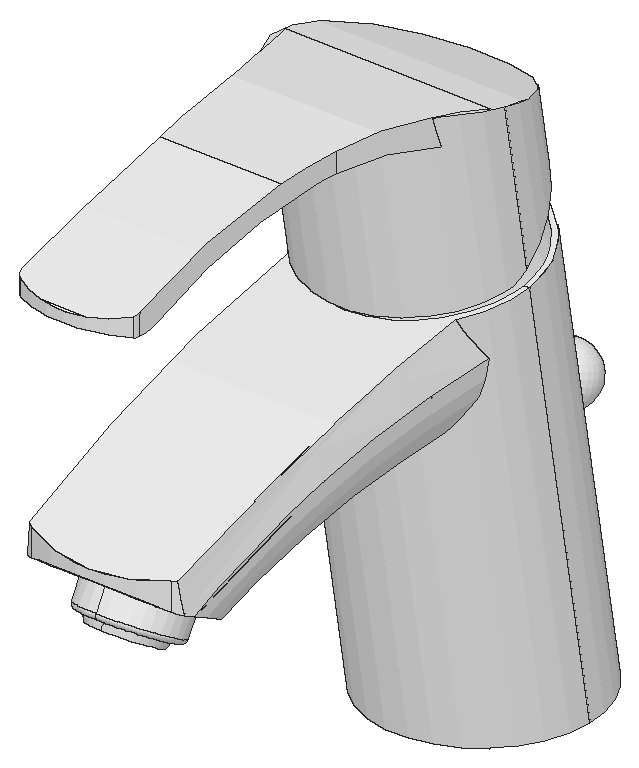
Revit family "Faucet-Lavatory-Grohe-Eurosmart_New-32642_Series", category Plumbing Fixtures, Revit 2014
Parameters (values of type "32642002")
  Width = 4 1/8"  # constant formula
  Waste Connection = no
  Warranty Documentation Link = "https://cdn.cloud.grohe.com/tpi/1000/1900/1940/1949/1949006/original/1949006.pdf"
  WFU = 0
  Vent Connection = no
  URL = "http://www.grohe.com/ca-en/"
  Shipping Weight = 3.30 lbf
  Product Page URL = "https://www.grohe.com/ca-en/32021/bathroom/bathroom-faucets/eurosmart-new/product-details/?product=32642-G411&color=00A&material=3264200A"
  Price = "Prices may vary. Please consult Manufacturer Representative for most up-to-date price list."  # constant formula
  Model = "32642002"
  Material = "Metal-Grohe-002-Chrome"
  Manufacturer = "Grohe"
  Length = 4 3/16"  # constant formula
  Installation Type = "Deck-Mounted"
  Hot Water Connection Radius = 3/16"
  Hot Water Connection Diameter = 3/8"
  Height = 5 3/4"  # constant formula
  HWFU = 1.5
  HW Connection = yes
  Flow Rate = "1.5 gpm (5.7 L/min)"
  Finish = Metal-Grohe-002-Chrome
  Description = "Eurosmart New Lavatory Centerset"  # constant formula
  Default Elevation = 0"
  Creation Date = "1/30/2017"  # constant formula
  Cold Water Connection Radius = 3/16"
  Cold Water Connection Diameter = Cold Water Connection Radius * 2  # 3/8"
  CalGreen Compliant = yes
  CWFU = 1.5
  CW Connection = yes
  Assembly Code = "D2020300"
  ADA Compliant = yes
Types (5): name | Product Page URL | Model | Material | Flow Rate | Finish
  (no name) | "https://www.grohe.com/ca-en/32021/bathroom/bathroom-faucets/eurosmart-new/product-details/?product=32642-G411&color=00A&material=3264200A" | "32642002" | "Metal-Grohe-002-Chrome" | "1.5 gpm (5.7 L/min)" | Metal-Grohe-002-Chrome
  32642002 | "https://www.grohe.com/ca-en/32021/bathroom/bathroom-faucets/eurosmart-new/product-details/?product=32642-G411&color=00A&material=3264200A" | "32642002" | "Metal-Grohe-002-Chrome" | "1.5 gpm (5.7 L/min)" | Metal-Grohe-002-Chrome
  3264200A | "https://www.grohe.com/ca-en/32021/bathroom/bathroom-faucets/eurosmart-new/product-details/?product=32642-G411&color=00A&material=3264200A" | "3264200A" | "Metal-Grohe-00A-Chrome" | "1.2 gpm (4.56 L/min)" | Metal-Grohe-00A-Chrome
  32642EN2 | "https://www.grohe.com/ca-en/32021/bathroom/bathroom-faucets/eurosmart-new/product-details/?product=32642-G411&color=EN2&material=32642EN2" | "32642EN2" | "Metal-Grohe-EN2-Brushed Nickel" | "1.5 gpm (5.7 L/min)" | Metal-Grohe-EN2-Brushed Nickel
  32642ENA | "https://www.grohe.com/ca-en/32021/bathroom/bathroom-faucets/eurosmart-new/product-details/?product=32642-G411&color=ENA&material=32642ENA" | "32642ENA" | "Metal-Grohe-ENA-Brushed Nickel" | "1.2 gpm (4.56 L/min)" | Metal-Grohe-ENA-Brushed Nickel
Reference planes (in)
  plane 1 "Center (Front/Back)": y = 0
  plane 2: z = 0
  plane 3 "Center (Left/Right)": x = 0
  plane 4: through (0, 0, 0) normal (0, 0.9848, 0.1736)
  plane 5: z = 2.1875
  plane 6: y = -4.1875
  plane 7: through (0, -4.18945, 2.1875) normal (0, -0.866, 0.5)
  plane 8: z = 5.75
Forms (in)
  Extrusion 1, void
    sketch origin (0, 0, 0) x (0, 1, 0) y (0, 0, 1)
      loop
        line (-5.79678, 3.55495) -> (-4.92005, 1.36012) -> (-3.2948, 2.18822)
        arc (-3.2948, 2.18822) -> (-3.45933, 2.17866) -> (-3.60831, 2.24913) r 0.33311
        arc (-3.60831, 2.24913) -> (-3.99137, 2.5223) -> (-4.40982, 2.73738) r 3.25437
        arc (-4.40982, 2.73738) -> (-4.44844, 2.75662) -> (-4.48449, 2.78035) r 0.36049
        line (-4.48449, 2.78035) -> (-4.67108, 2.91986)
        arc (-4.67108, 2.91986) -> (-2.71959, 3.57289) -> (-0.6936, 3.93362) r 14.03912
        arc (-0.6936, 3.93362) -> (0.03557, 4.06374) -> (0.7625, 4.20586) r 44.94992
        line (0.7625, 4.20586) -> (0.39338, 5.68706) -> (-5.79678, 3.55495)
      loop
        line (1.52384, 0) -> (-1.47616, 0) -> (-1.47616, -1.75) -> (1.52384, -1.75) -> (1.52384, 0)
    from -1.85772 to 2.27033
  Extrusion 2, solid, material "Metal-Grohe-002-Chrome" <- "Finish"
    sketch origin (0, 0, 0) x (1, 0, 0) y (0, 0.984808, 0.173648)
      loop
        circle (0, 0) r 0.99086
    from -1.25858 to 4.84565
  Revolve 3, solid, material "Metal-Grohe-002-Chrome" <- "Finish"
    sketch origin (0, 0, 0) x (0, 1, 0) y (0, 0, 1)
      loop
        line (-0.68381, 3.87808) -> (0.25088, 4.04289)
        arc (0.25088, 4.04289) -> (-0.17668, 4.51159) -> (-0.80747, 4.57937) r 0.89542
        line (-0.80747, 4.57937) -> (-0.68381, 3.87808)
      axis (-0.68381, 3.87808) -> (-0.80747, 4.57937)
    angle from 0 to 360
  Extrusion 4, solid, material "Metal-Grohe-002-Chrome" <- "Finish"
    sketch origin (0, 0, 0) x (1, 0, 0) y (0, 0.984808, 0.173648)
      loop
        circle (0, 0) r 0.98425
    from 4.09542 to 6.74142
  Extrusion 5, solid, material "Metal-Grohe-002-Chrome" <- "Finish"
    sketch origin (0, -0.125, 0) x (0, 1, 0) y (0, 0, 1)
      loop
        arc (-4.33701, 5.13391) -> (-3.46409, 5.40178) -> (-2.56053, 5.53334) r 5.96749
        arc (-2.56053, 5.53334) -> (-1.72344, 5.48663) -> (-0.9233, 5.23631) r 3.39651
        line (-0.9233, 5.23631) -> (-1.14515, 6.49447) -> (-4.96866, 5.68176) -> (-4.8766, 5.24867)
        arc (-4.8766, 5.24867) -> (-4.89567, 5.19855) -> (-4.85787, 5.16053) r 0.04945
        arc (-4.85787, 5.16053) -> (-4.63523, 5.12657) -> (-4.41007, 5.12135) r 1.75899
        arc (-4.41007, 5.12135) -> (-4.3731, 5.12507) -> (-4.33701, 5.13391) r 0.26582
    from -0.98425 to 0.98425
  Extrusion 6, void
    sketch origin (0, 0, 0) x (0, 1, 0) y (0, 0, 1)
      loop
        arc (-0.72693, 4.09737) -> (-0.83528, 4.02835) -> (-0.9578, 3.98971) r 0.49213
        line (-0.9578, 3.98971) -> (0.55628, 4.25669) -> (0.34423, 4.99618) -> (-0.72693, 4.09737)
      loop
        line (0.16302, 5.13944) -> (0.33943, 7.15584) -> (-5.34758, 6.30706) -> (-5.02865, 5.19483) -> (-4.8766, 5.24867)
        arc (-4.8766, 5.24867) -> (-3.97552, 5.51494) -> (-3.05134, 5.68441) r 8.8713
        arc (-3.05134, 5.68441) -> (-1.40349, 5.65181) -> (0.16302, 5.13944) r 5.58238
      loop
        line (1.9456, 0) -> (-1.8044, 0) -> (-1.8044, -1.75) -> (1.9456, -1.75) -> (1.9456, 0)
    from -1.4418 to 1.42203
  SweptBlend 7, solid, material "Metal-Grohe-002-Chrome" <- "Finish"
    path origin (0, 0, 0) x (0, 1, 0) y (0, 0, 1)
      loop
        arc (-4.98711, 2.17697) -> (-2.82547, 2.82771) -> (-0.56801, 2.82783) r 7.74917
    profile origin (0, -4.98711, 2.17697) x (0, -0.424662, 0.905352) y (1, 0, 0)
      loop
        arc (0.11705, 0.70963) -> (-0.59258, 0) -> (0.11705, -0.70963) r 0.70963
        line (0.11705, -0.70963) -> (0.69902, -0.62784) -> (0.69902, 0.62784) -> (0.11705, 0.70963)
    end profile origin (0, -0.56801, 2.82783) x (0, 0.145605, 0.989343) y (1, 0, 0)
      loop
        line (0.6046, -0.92615) -> (1.09965, -0.7935) -> (1.09965, 0.7935) -> (0.6387, 0.91701)
        arc (0.6387, 0.91701) -> (-0.28304, 0.01217) -> (0.6046, -0.92615) r 0.9219
  Extrusion 8, void
    sketch origin (0, 0, 0) x (1, 0, 0) y (0, 1, 0)
      loop
        arc (-0.49505, -4.76848) -> (-0.53019, -4.72876) -> (-0.54141, -4.67693) r 0.10488
        arc (-0.54141, -4.67693) -> (-0.5373, -3.58081) -> (-0.61787, -2.48764) r 14.18115
        arc (-0.61787, -2.48764) -> (-0.79402, -1.58887) -> (-1.11339, -0.73049) r 5.63725
        line (-1.11339, -0.73049) -> (-1.11339, -5.4052) -> (1.11339, -5.4052) -> (1.11339, -0.73049)
        arc (1.11339, -0.73049) -> (0.79402, -1.58887) -> (0.61787, -2.48764) r 5.63725
        arc (0.61787, -2.48764) -> (0.5373, -3.58081) -> (0.54141, -4.67693) r 14.18115
        arc (0.54141, -4.67693) -> (0.53877, -4.70518) -> (0.52865, -4.7317) r 0.10488
        arc (0.52865, -4.7317) -> (0.02216, -4.89918) -> (-0.49505, -4.76848) r 0.95377
    from 4.10562 to 5.95953
  Extrusion 9, void
    sketch origin (0, 0, 0) x (1, 0, 0) y (0, 1, 0)
      loop
        arc (-0.64881, -4.4428) -> (-0.83764, -4.26165) -> (-0.89118, -4.00549) r 0.4426
        line (-0.89118, -4.00549) -> (-0.89118, -4.93964) -> (0.89118, -4.93964) -> (0.89118, -4.00549)
        arc (0.89118, -4.00549) -> (0.83764, -4.26165) -> (0.64877, -4.4428) r 0.4426
        arc (0.64877, -4.4428) -> (-0.00002, -4.59622) -> (-0.64881, -4.4428) r 1.44854
    from 1.89478 to 3.60571
  Revolve 10, solid, material "Metal-Grohe-002-Chrome" <- "Finish"
    sketch origin (0, 0, 0) x (0, 1, 0) y (0, 0, 1)
      loop
        line (0.96163, 1.91675) -> (1.07511, 1.88421)
        arc (1.07511, 1.88421) -> (1.24065, 2.16516) -> (1.03471, 2.41799) r 0.28543
        line (1.03471, 2.41799) -> (0.53492, 0.67502) -> (0.6002, 0.6563) -> (0.96163, 1.91675)
      axis (1.03471, 2.41799) -> (0.53492, 0.67502)
    angle from 0 to 360
  Revolve 11, solid, material "Metal-Grohe-002-Chrome" <- "Finish"
    sketch origin (0, 0, 0) x (0, 1, 0) y (0, 0, 1)
      loop
        line (-3.90337, 2.05958) -> (-3.84215, 2.10519) -> (-3.79193, 2.07619)
        arc (-3.79193, 2.07619) -> (-3.75796, 2.07172) -> (-3.73077, 2.09258) r 0.04477
        line (-3.73077, 2.09258) -> (-3.45157, 2.57618) -> (-3.84444, 2.78507) -> (-4.17396, 2.21431) -> (-3.90337, 2.05958)
      axis (-4.17396, 2.21431) -> (-3.83667, 2.79852)
    angle from 0 to 360
  Extrusion 12, solid, material "Metal-Grohe-002-Chrome" <- "Finish"
    sketch origin (0, 0, 0) x (1, 0, 0) y (0, 1, 0)
      loop
        circle (-0.4398, 0) r 0.1875
      loop
        circle (0.4398, 0) r 0.1875
    from 0 to 0.48482
Cuts and joins
  Extrusion 1, Extrusion 8, Extrusion 9 cuts Extrusion 2
  Extrusion 8, Extrusion 9 cuts Revolve 3
  Extrusion 6, Extrusion 9 cuts Extrusion 4
  Extrusion 6, Extrusion 8, Extrusion 9 cuts Extrusion 5
  Extrusion 1, Extrusion 8, Extrusion 9 cuts SweptBlend 7
  joined: Extrusion 2, Revolve 3, Extrusion 4, Extrusion 5, SweptBlend 7, Revolve 10, Revolve 11, Extrusion 12
Lines and regions (in)
  Masking region 1
    outline origin (0, 0, 0) x (1, 0, 0) y (0, 1, 0)
      loop
        arc (-0.2892, 0.96115) -> (-0.79951, 0.59744) -> (-0.98874, 0.00003) r 0.98886
        line (-0.98874, 0.00003) -> (-0.98874, -0.99997)
        arc (-0.98874, -0.99997) -> (-0.96304, -1.2255) -> (-0.88727, -1.43948) r 1.0026
        arc (-0.88727, -1.43948) -> (-0.82369, -2.86331) -> (-0.75361, -4.28684) r 312.17592
        line (-0.75361, -4.28684) -> (-0.72977, -4.39897)
        arc (-0.72977, -4.39897) -> (-0.63408, -4.45007) -> (-0.53483, -4.49387) r 1.44854
        arc (-0.53483, -4.49387) -> (-0.53775, -4.58314) -> (-0.54122, -4.6724) r 14.18115
        arc (-0.54122, -4.6724) -> (-0.52734, -4.73131) -> (-0.48483, -4.77439) r 0.11201
        arc (-0.48483, -4.77439) -> (0, -4.903) -> (0.48483, -4.77439) r 0.97816
        arc (0.48483, -4.77439) -> (0.52734, -4.73131) -> (0.54122, -4.6724) r 0.11201
        arc (0.54122, -4.6724) -> (0.53775, -4.58314) -> (0.53483, -4.49387) r 14.18115
        arc (0.53483, -4.49387) -> (0.63408, -4.45007) -> (0.72977, -4.39897) r 1.44854
        line (0.72977, -4.39897) -> (0.75361, -4.28684)
        arc (0.75361, -4.28684) -> (0.82369, -2.86331) -> (0.88727, -1.43948) r 312.17592
        arc (0.88727, -1.43948) -> (0.96304, -1.2255) -> (0.98874, -0.99997) r 1.0026
        line (0.98874, -0.99997) -> (0.98874, 0.00003)
        arc (0.98874, 0.00003) -> (0.79951, 0.59744) -> (0.2892, 0.96115) r 0.98886
        arc (0.2892, 0.96115) -> (0, 1.25035) -> (-0.2892, 0.96115) r 0.2892
  symbolic lines, detail levels medium+fine
    curve 1: arc (-0.53483, -4.49387, 0) -> (-0.54079, -3.48928, 0) -> (-0.61787, -2.48764, 0) r 14.18115
    curve 2: arc (-0.61787, -2.48764, 0) -> (-0.71599, -1.95416, 0) -> (-0.88727, -1.43948, 0) r 3.89541
    curve 3: arc (-0.98874, -0.80899, 0) -> (0, 0.17975, 0) -> (0.98874, -0.80899, 0) r 0.98874
    curve 4: arc (-0.2892, 0.96115, 0) -> (0, 0.67195, 0) -> (0.2892, 0.96115, 0) r 0.2892
    curve 5: arc (0.53483, -4.49387, 0) -> (0.54079, -3.48928, 0) -> (0.61787, -2.48764, 0) r 14.18115
    curve 6: arc (0.61787, -2.48764, 0) -> (0.71599, -1.95416, 0) -> (0.88727, -1.43948, 0) r 3.89541
  symbolic lines, detail levels fine
    curve 7: line (-0.99086, -0.6936, 0) -> (0.99086, -0.6936, 0)
Dimensions and locks (in)
  locked: plane 5 to level at 2.1875
  "Length": plane 6 to plane 1 "Center (Front/Back)"
  "Height": plane 8 to level
  "Hot Water Connection Diameter": diameter of Extrusion 12 sketch curve
  "Cold Water Connection Diameter": diameter of Extrusion 12 sketch curve
  angle plane 6 to plane 7 = 30.00°
Automatic sketch dimensions
  Extrusion 1 sketch curve to level = 0"
  Extrusion 1 sketch curve to plane 4 = 0"
  plane 6 to Extrusion 1 sketch curve = 4.03792"
  plane 6 to Extrusion 1 sketch curve = 1.60928"
  Extrusion 1 sketch curve to level = 0.25701"
  plane 6 to Extrusion 1 sketch curve = 1.4969"
  plane 6 to Extrusion 1 sketch curve = 0.73255"
  plane 6 to Extrusion 1 sketch curve = 0.48358"
  Extrusion 1 sketch curve to Extrusion 1 sketch curve = 0.18659"
  plane 6 to Extrusion 1 sketch curve = 0.08113"
  plane 5 to Extrusion 1 sketch curve = 0.31816"
  Extrusion 1 sketch curve to plane 6 = 0.7917"
  plane 5 to Extrusion 1 sketch curve = 0.00072"
  Extrusion 1 sketch curve to Extrusion 1 sketch curve = 0.101"
  plane 1 "Center (Front/Back)" to Extrusion 1 sketch curve = 1.47616"
  Extrusion 1 sketch curve to plane 8 = 0.06294"
  Extrusion 1 sketch curve to plane 1 "Center (Front/Back)" = 0.39338"
  Extrusion 1 sketch curve to plane 1 "Center (Front/Back)" = 0.7478"
  Extrusion 1 sketch curve to plane 1 "Center (Front/Back)" = 0.7625"
  Extrusion 1 sketch curve to plane 1 "Center (Front/Back)" = 1.52384"
  Extrusion 1 sketch curve to level = 1 3/4"
  Extrusion 1 sketch curve to Extrusion 1 sketch curve = 8.28131"
  Extrusion 1 sketch curve to plane 5 = 0.82738"
  plane 5 to Extrusion 1 sketch curve = 0.59285"
  Extrusion 1 sketch curve to Extrusion 1 sketch curve = 0.13951"
  Extrusion 1 sketch curve to Extrusion 1 sketch curve = 0.28872"
  Extrusion 1 sketch curve to Extrusion 1 sketch curve = 0.63509"
  Extrusion 1 sketch curve to Extrusion 1 sketch curve = 0.27224"
  Extrusion 1 sketch curve to Extrusion 1 sketch curve = 0"
  Extrusion 2 sketch curve to plane 3 "Center (Left/Right)" = 0"
  Extrusion 2 sketch curve to plane 4 = 0"
  Revolve 3 sketch curve to plane 4 = 0"  (x4)
  plane 1 "Center (Front/Back)" to Revolve 3 sketch curve = 0.80747"
  plane 1 "Center (Front/Back)" to Revolve 3 sketch curve = 0.68381"
  Revolve 3 sketch curve to Revolve 3 sketch curve = 0.10228"
  Revolve 3 sketch curve to plane 1 "Center (Front/Back)" = 0.25088"
  Revolve 3 sketch curve to Revolve 3 sketch curve = 0.02827"
  Revolve 3 sketch curve to plane 8 = 0.7641"
  Extrusion 4 sketch curve to plane 3 "Center (Left/Right)" = 0"
  Extrusion 4 sketch curve to plane 4 = 0"
  Extrusion 5 sketch curve to plane 8 = 0.06824"
  plane 6 to Extrusion 5 sketch curve = 0.90616"
  Extrusion 5 sketch curve to plane 8 = 0.50133"
  Extrusion 5 sketch curve to Extrusion 5 sketch curve = 0.09206"
  Extrusion 5 sketch curve to Extrusion 5 sketch curve = 0.0293"
  plane 6 to Extrusion 5 sketch curve = 0.41942"
  plane 6 to Extrusion 5 sketch curve = 0.35565"
  Extrusion 5 sketch curve to plane 5 = 0.04282"
  Extrusion 5 sketch curve to plane 6 = 1.73276"
  Extrusion 5 sketch curve to level = 0.42036"
  plane 1 "Center (Front/Back)" to Extrusion 5 sketch curve = 2.28005"
  plane 8 to Extrusion 5 sketch curve = 0.74447"
  Extrusion 5 sketch curve to plane 8 = 0.51369"
  plane 1 "Center (Front/Back)" to Extrusion 5 sketch curve = 1.0483"
  Extrusion 5 sketch curve to Extrusion 5 sketch curve = 0.03983"
  Extrusion 5 sketch curve to plane 8 = 0.36296"
  plane 8 to Extrusion 5 sketch curve = 1.12887"
  Extrusion 5 sketch curve to Extrusion 5 sketch curve = 0"
  Extrusion 5 sketch curve to Extrusion 5 sketch curve = 0.00808"
  Extrusion 5 sketch curve to Extrusion 5 sketch curve = 0.07306"
  Extrusion 6 sketch curve to level = 0"
  plane 8 to Extrusion 6 sketch curve = 0.55706"
  plane 6 to Extrusion 6 sketch curve = 1.16008"
  plane 6 to Extrusion 6 sketch curve = 0.84115"
  Extrusion 6 sketch curve to Extrusion 6 sketch curve = 0.15205"
  level to Extrusion 6 sketch curve = 0.14798"
  Extrusion 6 sketch curve to plane 6 = 1.85087"
  plane 1 "Center (Front/Back)" to Extrusion 6 sketch curve = 1.91555"
  Extrusion 6 sketch curve to Extrusion 6 sketch curve = 0.53223"
  plane 1 "Center (Front/Back)" to Extrusion 6 sketch curve = 1.04326"
  Extrusion 6 sketch curve to Extrusion 6 sketch curve = 0.08546"
  Extrusion 6 sketch curve to Extrusion 6 sketch curve = 0.23088"
  Extrusion 6 sketch curve to plane 1 "Center (Front/Back)" = 0.16302"
  Extrusion 6 sketch curve to plane 1 "Center (Front/Back)" = 0.33943"
  Extrusion 6 sketch curve to Extrusion 6 sketch curve = 0.18122"
  Extrusion 6 sketch curve to plane 1 "Center (Front/Back)" = 0.55628"
  Extrusion 6 sketch curve to plane 1 "Center (Front/Back)" = 1.9456"
  Extrusion 6 sketch curve to level = 1 3/4"
  Extrusion 6 sketch curve to Extrusion 6 sketch curve = 1.36388"
  Extrusion 6 sketch curve to plane 8 = 1.76029"
  Extrusion 6 sketch curve to Extrusion 6 sketch curve = 0.10766"
  Extrusion 6 sketch curve to Extrusion 6 sketch curve = 0.15931"
  Extrusion 6 sketch curve to plane 8 = 0.75382"
  Extrusion 6 sketch curve to Extrusion 6 sketch curve = 0.14326"
  Extrusion 6 sketch curve to plane 8 = 0.55517"
  Extrusion 6 sketch curve to Extrusion 6 sketch curve = 0.05384"
  plane 8 to Extrusion 6 sketch curve = 1.40584"
  plane 1 "Center (Front/Back)" to SweptBlend 7 sketch curve = 1.69633"
  SweptBlend 7 sketch curve to level = 4.83876"
  SweptBlend 7 sketch curve to plane 5 = 0.01053"
  plane 6 to SweptBlend 7 sketch curve = 0.79961"
  plane 1 "Center (Front/Back)" to SweptBlend 7 sketch curve = 0.56801"
  SweptBlend 7 sketch curve to plane 3 "Center (Left/Right)" = 0"
  SweptBlend 7 sketch curve to profile plane = 0.11705"
  SweptBlend 7 sketch curve to SweptBlend 7 sketch curve = 0.58197"
  SweptBlend 7 sketch curve to plane 3 "Center (Left/Right)" = 0.62784"
  SweptBlend 7 sketch curve to SweptBlend 7 sketch curve = 0.08179"  (x2)
  SweptBlend 7 sketch curve to profile plane = 0.6046"
  SweptBlend 7 sketch curve to profile plane = 0.6387"
  SweptBlend 7 sketch curve to SweptBlend 7 sketch curve = 59/128"
  SweptBlend 7 sketch curve to plane 3 "Center (Left/Right)" = 0.92615"
  SweptBlend 7 sketch curve to SweptBlend 7 sketch curve = 0.13265"
  SweptBlend 7 sketch curve to plane 3 "Center (Left/Right)" = 0.00488"
  SweptBlend 7 sketch curve to SweptBlend 7 sketch curve = 0.12351"
  Extrusion 8 sketch curve to plane 6 = 0.11178"  (x2)
  Extrusion 8 sketch curve to plane 3 "Center (Left/Right)" = 14.70981"
  Extrusion 8 sketch curve to plane 6 = 1.06857"  (x2)
  Extrusion 8 sketch curve to plane 3 "Center (Left/Right)" = 6.21966"
  Extrusion 8 sketch curve to plane 3 "Center (Left/Right)" = 1.11339"
  Extrusion 8 sketch curve to plane 3 "Center (Left/Right)" = 0.43663"
  Extrusion 8 sketch curve to plane 3 "Center (Left/Right)" = 0.01209"
  plane 3 "Center (Left/Right)" to Extrusion 8 sketch curve = 0.43663"
  Extrusion 8 sketch curve to Extrusion 8 sketch curve = 0.67676"
  Extrusion 8 sketch curve to Extrusion 8 sketch curve = 5.10627"
  Extrusion 8 sketch curve to Extrusion 8 sketch curve = 8.49015"
  plane 6 to Extrusion 8 sketch curve = 0.49388"  (x2)
  Extrusion 8 sketch curve to Extrusion 8 sketch curve = 0.72382"
  Extrusion 8 sketch curve to plane 6 = 0.24147"
  plane 1 "Center (Front/Back)" to Extrusion 8 sketch curve = 0.73049"  (x2)
  Extrusion 8 sketch curve to Extrusion 8 sketch curve = 0"  (x3)
  Extrusion 8 sketch curve to Extrusion 8 sketch curve = 0.04637"
  Extrusion 8 sketch curve to Extrusion 8 sketch curve = 0.09202"
  Extrusion 9 sketch curve to plane 3 "Center (Left/Right)" = 0.89118"
  Extrusion 9 sketch curve to plane 6 = 0.14042"  (x2)
  Extrusion 9 sketch curve to Extrusion 9 sketch curve = 0.44064"  (x2)
  Extrusion 9 sketch curve to plane 3 "Center (Left/Right)" = 0"
  plane 3 "Center (Left/Right)" to Extrusion 9 sketch curve = 0.45053"
  Extrusion 9 sketch curve to plane 6 = 0.18201"  (x2)
  plane 6 to Extrusion 9 sketch curve = 0.75214"
  Extrusion 9 sketch curve to Extrusion 9 sketch curve = 0.8994"
  Extrusion 9 sketch curve to Extrusion 9 sketch curve = 0.19827"
  Extrusion 9 sketch curve to Extrusion 9 sketch curve = 0.00004"
  Extrusion 9 sketch curve to Extrusion 9 sketch curve = 0"
  Revolve 10 sketch curve to plane 1 "Center (Front/Back)" = 0.53492"
  Revolve 10 sketch curve to Revolve 10 sketch curve = 0.06528"
  Revolve 10 sketch curve to plane 5 = 0.04389"
  Revolve 10 sketch curve to plane 1 "Center (Front/Back)" = 0.95603"
  Revolve 10 sketch curve to plane 5 = 0.27075"
  Revolve 10 sketch curve to Revolve 10 sketch curve = 0.0056"
  plane 5 to Revolve 10 sketch curve = 0.23049"
  Revolve 10 sketch curve to Revolve 10 sketch curve = 0.07868"
  Revolve 10 sketch curve to plane 5 = 0.12755"
  Revolve 10 sketch curve to Revolve 10 sketch curve = 0.02399"
  plane 5 to Revolve 10 sketch curve = 0.04831"
  Revolve 10 sketch curve to Revolve 10 sketch curve = 0.02644"
  Revolve 11 sketch curve to plane 7 = 0"  (x4)
  Revolve 11 sketch curve to plane 6 = 0.01354"
  Revolve 11 sketch curve to plane 5 = 0.12792"
  Revolve 11 sketch curve to plane 6 = 0.28413"
  Revolve 11 sketch curve to plane 6 = 0.34306"
  Revolve 11 sketch curve to plane 5 = 0.08231"
  Revolve 11 sketch curve to Revolve 11 sketch curve = 0.06122"
  Revolve 11 sketch curve to plane 5 = 0.11131"
  Revolve 11 sketch curve to Revolve 11 sketch curve = 0.05022"
  Revolve 11 sketch curve to Revolve 11 sketch curve = 0.02238"
  Revolve 11 sketch curve to plane 5 = 0.09492"
  Revolve 11 sketch curve to Revolve 11 sketch curve = 0.03877"
  Revolve 11 sketch curve to Revolve 11 sketch curve = 0.39287"
  plane 5 to Revolve 11 sketch curve = 0.38868"
  plane 6 to Revolve 11 sketch curve = 0.01742"
  plane 6 to Revolve 11 sketch curve = 0.06749"
  Masking region 1 sketch curve to Masking region 1 sketch curve = 0"  (x8)
  Masking region 1 sketch curve to plane 3 "Center (Left/Right)" = 0"  (x4)
  Masking region 1 sketch curve to plane 3 "Center (Left/Right)" = 0.01386"
  plane 6 to Masking region 1 sketch curve = 0.21147"  (x2)
  Masking region 1 sketch curve to Masking region 1 sketch curve = 0.30046"  (x2)
  plane 6 to Masking region 1 sketch curve = 0.09934"  (x2)
  Masking region 1 sketch curve to Masking region 1 sketch curve = 0.02384"  (x2)
  Masking region 1 sketch curve to plane 1 "Center (Front/Back)" = 0.00003"
  Masking region 1 sketch curve to plane 3 "Center (Left/Right)" = 0.98874"
  Masking region 1 sketch curve to plane 6 = 0.11178"  (x2)
  Masking region 1 sketch curve to plane 1 "Center (Front/Back)" = 11.77518"  (x2)
  Masking region 1 sketch curve to Masking region 1 sketch curve = 296.29902"  (x2)
  plane 3 "Center (Left/Right)" to Masking region 1 sketch curve = 0"
  plane 3 "Center (Left/Right)" to Masking region 1 sketch curve = 0.01386"
  plane 3 "Center (Left/Right)" to Masking region 1 sketch curve = 0.42931"
  Masking region 1 sketch curve to Masking region 1 sketch curve = 0.97488"
  Masking region 1 sketch curve to Masking region 1 sketch curve = 0.27814"  (x2)
  Masking region 1 sketch curve to plane 6 = 0.26266"
  Masking region 1 sketch curve to Masking region 1 sketch curve = 0.77717"
  plane 1 "Center (Front/Back)" to Masking region 1 sketch curve = 0.99997"
  Masking region 1 sketch curve to plane 1 "Center (Front/Back)" = 0.01552"
  Masking region 1 sketch curve to Masking region 1 sketch curve = 0.94563"
  Masking region 1 sketch curve to Masking region 1 sketch curve = 0.05552"  (x2)
  Masking region 1 sketch curve to Masking region 1 sketch curve = 0.10552"  (x2)
  plane 1 "Center (Front/Back)" to Extrusion 12 sketch curve = 0"  (x2)
  Extrusion 12 sketch curve to plane 3 "Center (Left/Right)" = 0.4398"
  plane 3 "Center (Left/Right)" to Extrusion 12 sketch curve = 0.4398"
  curve 4 to plane 3 "Center (Left/Right)" = 0"
  curve 2 to plane 6 = 1.26363"
  curve 2 to plane 3 "Center (Left/Right)" = 4.48877"
  curve 1 to plane 6 = 0.11178"
  curve 1 to curve 2 = 10.22104"
  curve 6 to plane 6 = 1.26363"
  plane 3 "Center (Left/Right)" to curve 6 = 4.48877"
  curve 5 to plane 6 = 0.11178"
  curve 6 to curve 5 = 10.22104"
  plane 1 "Center (Front/Back)" to curve 3 = 0.80899"
  curve 4 to plane 1 "Center (Front/Back)" = 0.96115"
  curve 4 to curve 4 = 0.2892"
  curve 1 to plane 3 "Center (Left/Right)" = 0.53483"
  curve 1 to curve 3 = 0.61787"
  curve 2 to curve 1 = 0"
  plane 3 "Center (Left/Right)" to curve 5 = 0.53483"
  curve 1 to curve 5 = 1.23573"
  curve 6 to curve 5 = 0"
  curve 3 to curve 2 = 0.10147"
  curve 3 to plane 3 "Center (Left/Right)" = 0"
  curve 7 to curve 3 = 0.00212"
  curve 3 to curve 7 = 0.00212"
  curve 3 to curve 7 = 0.11538"
  curve 7 to plane 3 "Center (Left/Right)" = 0.99086"
  curve 6 to curve 3 = 0.10147"
  radius of Extrusion 2 sketch curve = 0.99086"
  radius of Extrusion 4 sketch curve = 0.98425"
Connectors (in)
  piping at (-0.4398, 0, 0), diameter 0.375, driven by "HWFU", driven by "Hot Water Connection Diameter"
    settings: on Extrusion 12, index 1, connector inside diameter 24", connector length 0", flow factor 0, pipe flow 0 GPM, pressure drop 0.00 psi, fitting loss kfactor 0, connector angle 0.00°, fixture units 1.5, engagement length 0", angle of deflection 0.00°, flow configuration 3, flow direction 1, fitting loss method 0, system type 19, joint type 0, gender type 0, connector reference index -1, connector utility 0, adjustable connector no, is connector primary yes, connector description "3/8\" NPT HW Inlet"
  piping at (0.4398, 0, 0), diameter 0.375, driven by "CWFU", driven by "Cold Water Connection Diameter"
    settings: on Extrusion 12, index 2, connector inside diameter 24", connector length 0", flow factor 0, pipe flow 0 GPM, pressure drop 0.00 psi, fitting loss kfactor 0, connector angle 0.00°, fixture units 1.5, engagement length 0", angle of deflection 0.00°, flow configuration 3, flow direction 1, fitting loss method 0, system type 20, joint type 0, gender type 0, connector reference index -1, connector utility 0, adjustable connector no, is connector primary no, connector description "3/8\" NPT CW Inlet"
